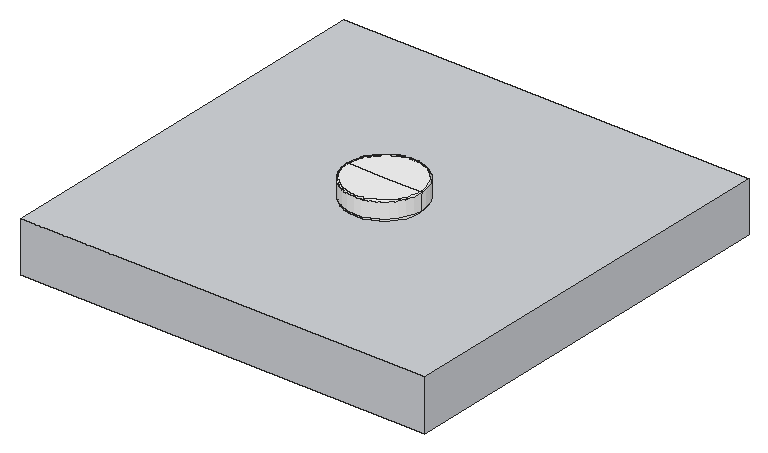
Revit family
Parameters (values of type "PERLUCE O 36W LED D450 Dimmable")
  Width = 450 mm
  Wattage = 18.244 W
  built-in parameter 1150110 = 1 (stored number, unit not read)
  URL = "http://www.zumtobel.com/42181529"
  Type Comments = "© Zumtobel. We reserve the right to make technical changes without prior notice."  # constant formula
  built-in parameter 1114217 = 1 (stored number, unit not read)
  Tilt Angle = -90.00°
  built-in parameter 1150109 = 1 (stored number, unit not read)
  built-in parameter 1150134 = 12
  built-in parameter 1150113 = 1 (stored number, unit not read)
  Radius Body = Radius - 7.5 mm  # 217.5 mm
  Radius = Width / 2  # 225 mm
  Photometric Web File = "D33063AA_PERLUCE_O_30W_LED840_D450.IES"
  Model = "42181529"
  Manufacturer = "Zumtobel Lighting"  # constant formula
  built-in parameter 1150105 = 601.62 (stored number, unit not read)
  Lumens = 2710 lm
  built-in parameter 1150115 = 1 (stored number, unit not read)
  built-in parameter 1150137 = (empty or 0)
  built-in parameter 1150139 = (empty or 0)
  Length = Width  # 450 mm
  built-in parameter 1150112 = 1 (stored number, unit not read)
  built-in parameter 1150114 = 1 (stored number, unit not read)
  Lamp = "LED"
  built-in parameter 1150132 = 2
  built-in parameter 1150102 = (empty or 0)
  built-in parameter 1150107 = 4000 (stored number, unit not read)
  built-in parameter 1150138 = (empty or 0)
  built-in parameter 1150106 = 6.0162 (stored number, unit not read)
  Height = 114 mm
  Emit from Circle Diameter = Width  # 450 mm
  Emit Shape Visible in Rendering = no
  built-in parameter 1150104 = 13.8 (stored number, unit not read)
  Dimming Lamp Color Temperature Shift = (empty or 0)
  Description = "Circular diffuser LED luminaire"  # constant formula
  Default Elevation = 0 mm
  Cover = Zumtobel_PMMA_White_Self_Illumination
  Color Filter = 16777215
  Body = Zumtobel_Metal_White
  built-in parameter 1114218 = 1 (stored number, unit not read)
  built-in parameter 1150133 = 10 (stored number, unit not read)
  Assembly Code = "D5020210"
  Apparent Load = 30 VA
Types (4, lengths in mm): name | Width | Wattage | URL | Radius Body | Radius | Photometric Web File | Model | built-in parameter 1150105 | Lumens | Length | built-in parameter 1150106 | Height | Emit from Circle Diameter | Apparent Load
  PERLUCE O 22W LED D350 Electronic | 350 | 11.0407 W | "http://www.zumtobel.com/42181526" | 167.5 | 175 | "D33061AA_PERLUCE_O_22W_LED840_D350.IES" | "42181526" | 357.19 (stored number, unit not read) | 1640 lm | 350 | 3.5719 (stored number, unit not read) | 104 | 350 | 22 VA
  PERLUCE O 22W LED D350 Dimmable | 350 | 11.0407 W | "http://www.zumtobel.com/42181527" | 167.5 | 175 | "D33061AA_PERLUCE_O_22W_LED840_D350.IES" | "42181527" | 357.19 (stored number, unit not read) | 1640 lm | 350 | 3.5719 (stored number, unit not read) | 104 | 350 | 22 VA
  PERLUCE O 36W LED D450 Electronic | 450 | 18.244 W | "http://www.zumtobel.com/42181528" | 217.5 | 225 | "D33063AA_PERLUCE_O_30W_LED840_D450.IES" | "42181528" | 601.62 (stored number, unit not read) | 2710 lm | 450 | 6.0162 (stored number, unit not read) | 114 | 450 | 30 VA
  PERLUCE O 36W LED D450 Dimmable | 450 | 18.244 W | "http://www.zumtobel.com/42181529" | 217.5 | 225 | "D33063AA_PERLUCE_O_30W_LED840_D450.IES" | "42181529" | 601.62 (stored number, unit not read) | 2710 lm | 450 | 6.0162 (stored number, unit not read) | 114 | 450 | 30 VA
Reference planes
  plane 1 "Center (Front/Back)": y = 0
  plane 2 "Top": z = 0
  plane 3 "Center (Left/Right)": x = -0.5
  plane 4 "Back": y = 225
  plane 5 "Front": y = -225
  plane 6: z = 114
  plane 7: z = 15
Forms (mm)
  Extrusion 1, solid
    sketch origin (0, 0, 0) x (1, 0, 0) y (0, 1, 0)
      loop
        line (-1219.2, 1219.2) -> (-1219.2, -1219.2) -> (1219.2, -1219.2) -> (1219.2, 1219.2) -> (-1219.2, 1219.2)
    from 0 to -304.8
  Extrusion 2, solid, material "Zumtobel_Metal_White" <- "Body"
    sketch origin (0, 0, 0) x (1, 0, 0) y (0, 1, 0)
      loop
        circle (-0.5, 0) r 217.5
    from 0 to 15
  Revolve 3, solid, material "Zumtobel_PMMA_White_Self_Illumination" <- "Cover"
    sketch origin (0, 0, 0) x (1, 0, 0) y (0, 0, 1)
      loop
        line (-225.5, 15) -> (-218, 15) -> (-218, 18) -> (-223, 18) -> (-223, 108.5)
        arc (-223, 108.5) -> (-222.121, 110.621) -> (-220, 111.5) r 3
        line (-220, 111.5) -> (-0.5, 111.5) -> (-0.5, 114) -> (-219.5, 114)
        arc (-219.5, 114) -> (-223.743, 112.243) -> (-225.5, 108) r 6
        line (-225.5, 108) -> (-225.5, 15)
      axis (-0.5, 114) -> (-0.5, 15)
    angle from 0 to 360
Dimensions and locks
  equal spacing: plane 4 "Back", plane 1 "Center (Front/Back)", plane 5 "Front"
  "Length": plane 4 "Back" to plane 5 "Front"
  "Height": plane 6 to plane 2 "Top"
  locked: plane 7 to plane 2 "Top" at 15
  locked: Revolve 3 sketch curve to Revolve 3 sketch curve at 2.5  (x2)
  "Radius": plane 3 "Center (Left/Right)" to Revolve 3 sketch curve
  locked: Revolve 3 sketch curve to Revolve 3 sketch curve at 3
  "Radius Body": radius of Extrusion 2 sketch curve
  aligned and locked: plane 2 "Top" to Extrusion 1
  aligned and locked: level to Extrusion 1
  aligned and locked: imposter light to plane 1 "Center (Front/Back)"
  aligned and locked: imposter light to plane 6
  aligned and locked: Extrusion 2 to plane 7
  aligned and locked: Revolve 3 sketch curve to plane 3 "Center (Left/Right)"
  aligned and locked: plane 7 to Revolve 3 sketch curve
Automatic sketch dimensions
  Extrusion 1 sketch curve to Extrusion 1 sketch curve = 2438.4 mm  (x2)
  plane 1 "Center (Front/Back)" to Extrusion 2 sketch curve = 0 mm
  Extrusion 2 sketch curve to plane 3 "Center (Left/Right)" = 0 mm
  Revolve 3 sketch curve to plane 6 = 0 mm
  Revolve 3 sketch curve to plane 3 "Center (Left/Right)" = 0 mm
  Revolve 3 sketch curve to Revolve 3 sketch curve = 6 mm
  Revolve 3 sketch curve to Revolve 3 sketch curve = 5 mm
  Revolve 3 sketch curve to level = 70 mm
  Revolve 3 sketch curve to Revolve 3 sketch curve = 50 mm
  Revolve 3 sketch curve to Revolve 3 sketch curve = 3 mm
Connectors
  electrical at (-0.5, 0, 0), driven by "Apparent Load"
    settings: index 1, voltage 230 V, apparent load 0 VA, apparent load phase1 30 VA, apparent load phase2 0 VA, apparent load phase3 0 VA, power factor 1, load classification "Other", number of poles 1, system type 31, power factor state 1, is connector primary yes, connector utility no, sub classification motor no, connector description ""
